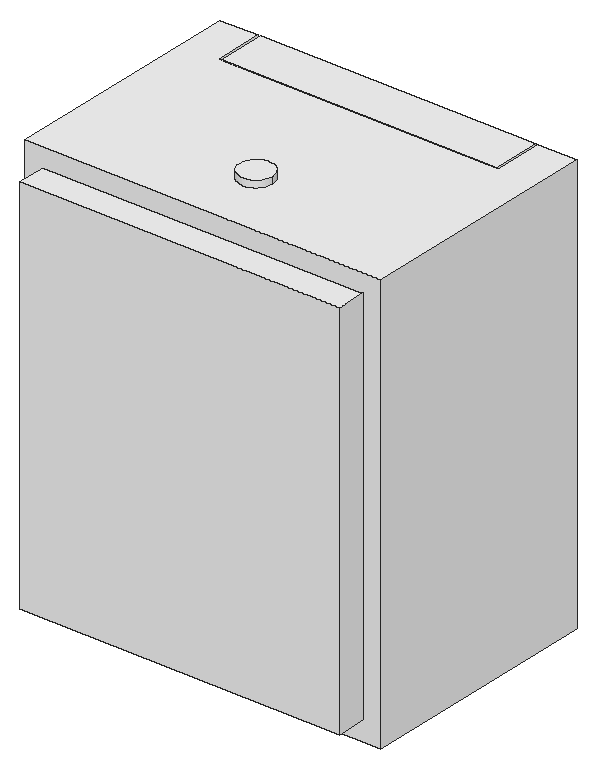
Revit family "Gira_010731", category Electrical Fixtures, host Wall, Revit 2017
Family settings
  Host = Wall
  Maintain Annotation Orientation = No
  Round Connector Dimension = Use Diameter
  Part Type = Normal
  OmniClass Number = 23.80.00.00
  OmniClass Title = Electric Power and Lighting
  Always vertical = Yes
  Cut with Voids When Loaded = No
  Shared = No
  Room Calculation Point = No
Parameters (values of type "Rocker sw. interm.sw. in.sp. WD surface-mounted grey")
  With mounting plate = no
  Wiring system = "Intermediate switch"
  White = White
  Washing machine switch = no
  URL = "https://www.gira.de/"
  Type of lighting = "Not included"
  Type of fastening = "Screw mounting"
  Type Comments = ""
  Surface protection = "Sonstige (*de-DE)"
  Suitable for degree of protection (IP) = "IP66"
  Rated current [Ampere] = 10
  Push button switch = no
  Number of rockers = 1
  Number of modules (module system) = 1
  Nominal voltage [Volt] Number = 250
  Model = ""
  Method of operation = "Rocker/button"
  Material quality = "Sonstige (*de-DE)"
  Material = "Sonstige (*de-DE)"
  Manufacturer = "Gira"
  Label space/information surface = "yes"
  Keynote = ""
  Illumination = "yes"
  HeinzeBIM = "https://www.heinze.de/bim/rocker-sw-interm-sw-in-sp-wd-surface-mounted-grey/75f2643a8fd0f0769c4c823d84bf0f9b206245f2"
  Halogen free = no
  HAN = "010731"
  GTIN = "4010337107316"
  Function lighting = "Illuminated (on)"
  Feedback-signal contact = no
  Description = "Rock.sw.interm.sw.in.sp. WT SM GY Rocker switch 10 AX 250 V~ with inscription space Intermediate switch grey Notes : - Can also be connected with illumination."
  Cost = 0
  Connection type = "Plug clamp"
  Colour = "Grey"
  BIMSITE_PRODUCT_ID = "75f2643a8fd0f0769c4c823d84bf0f9b206245f2"
  BIM = "https://media.live.bim.site/t/eyJhbGciOiJIUzI1NiIsInR5cCI6IkpXVCJ9.eyJjdCI6MSwidGYiOiJwdWJsaWMvZ2lyYS8wOWY1ZGI1L0lQNDRfS29tcGxldHRnZXLDpHRfU2NoYWx0ZW4gdW5kIFRhc3Rlbi5yZmEiLCJjaWQiOiJmZWQ5OGU5YS0xYmQ4LTRjNjgtYTczYi03NGE5NGUzMTU4MjMiLCJyaWQiOiIzZGY0NzBjZTlhOTJhYzAzODY4NWE4Nzk4MTMzMzgwZCIsInBpZCI6Ijc1ZjI2NDNhOGZkMGYwNzY5YzRjODIzZDg0YmYwZjliMjA2MjQ1ZjIiLCJzaWQiOiI2MzQ3MCIsInV0Ijo1LCJsYyI6ImVuIiwiaWF0IjoxNjA3NTI0NDM4LCJpc3MiOiJodHRwczovL2FwaS5saXZlLmJpbS5zaXRlIiwic3ViIjoiOGQzYWE1Y2ItZTA2Ni00NTk4LWJlMTYtNmUxNmVlNzQ5NTZhIn0.9WO3Ia_NnYLmhqDhjsEFDN2tD89h7FH6nIdnSJMVKp0/IP44_Komplettgerät_Schalten und Tasten.rfa"
  Assembly arrangement = "Basic element with complete housing"
  Assembly Code = ""
Reference planes
  plane 1: y = 0
  plane 2 "Center (Left/Right)": x = 125
  plane 3 "Back": y = 75
Forms (mm)
  Extrusion 1, solid, material "White" <- "White", detail levels fine
    sketch origin (0, 75, 0) x (1, 0, 0) y (0, 0, 1)
      loop
        line (154.5, 90) -> (95.5, 90) -> (95.5, 85.5) -> (154.5, 85.5) -> (154.5, 90)
    from -52.3 to -41.9
  Extrusion 2, solid, material "White" <- "White", detail levels fine
    sketch origin (0, 75, 0) x (1, 0, 0) y (0, 0, 1)
      loop
        line (154.5, 72) -> (154.5, 85) -> (95.5, 85) -> (95.5, 72) -> (154.5, 72)
    from -52.3 to -41.9
  Extrusion 3, solid, material "White" <- "White", detail levels medium+fine
    sketch origin (0, 75, 0) x (1, 0, 0) y (0, 0, 1)
      loop
        line (159.2, 86) -> (90.8, 86) -> (90.8, 4) -> (159.2, 4) -> (159.2, 86)
    from 0 to 6.2
  Extrusion 4, solid, material "White" <- "White", detail levels fine
    sketch origin (0, 75, 0) x (1, 0, 0) y (0, 0, 1)
      loop
        line (163.2, 90) -> (86.8, 90) -> (86.8, 0) -> (163.2, 0) -> (163.2, 90)
    from 0 to -52.3
  Extrusion 5, void
    sketch origin (0, 75, 0) x (1, 0, 0) y (0, 0, 1)
      loop
        line (95, 90.5) -> (95, 8.6) -> (155, 8.6) -> (155, 90.5) -> (95, 90.5)
    from -41.9 to -57.5
  Extrusion 6, solid, material "White" <- "White", detail levels medium
    sketch origin (0, 75, 0) x (1, 0, 0) y (0, 0, 1)
      loop
        line (154.5, 90) -> (95.5, 90) -> (95.5, 9.1) -> (154.5, 9.1) -> (154.5, 90)
    from -52.3 to -41.9
  Extrusion 7, solid, material "White" <- "White", detail levels coarse
    sketch origin (0, 75, 0) x (1, 0, 0) y (0, 0, 1)
      loop
        line (163.2, 91.4) -> (86.8, 91.4) -> (86.8, 0) -> (163.2, 0) -> (163.2, 91.4)
    from 6.2 to -52.3
  Extrusion 8, solid, material "White" <- "White", detail levels medium+fine
    sketch origin (163.2, 75, 90) x (-1, 0, 0) y (0, -1, 0)
      loop
        circle (38.2, -14.2) r 3.55
    from 0 to 1.4
  Extrusion 9, solid, material "White" <- "White", detail levels medium
    sketch origin (0, 75, 0) x (1, 0, 0) y (0, 0, 1)
      loop
        line (163.2, 90) -> (86.8, 90) -> (86.8, 0) -> (163.2, 0) -> (163.2, 90)
    from 0 to -52.3
  Extrusion 10, solid, material "White" <- "White", detail levels fine
    sketch origin (0, 75, 0) x (1, 0, 0) y (0, 0, 1)
      loop
        line (128.7, 43.6) -> (121.3, 43.6)
        arc (121.3, 43.6) -> (119, 41.3) -> (121.3, 39) r 2.3
        line (121.3, 39) -> (128.7, 39)
        arc (128.7, 39) -> (131, 41.3) -> (128.7, 43.6) r 2.3
    from -41.9 to -51.167
Cuts and joins
  Extrusion 5 cuts Extrusion 4
Text (mm)
  text "Placement side" at (-1867.185, 1116.779, 0), in view "Ref. Level"
  text "Placement side" at (0, 1270.507, 3001.832), in view "Left"
  text "Placement side" at (0, 530.812, 2999.686), in view "Right"
Dimensions and locks
  locked: plane 3 "Back" to host wall
  cut or joined group of Extrusion 4, Extrusion 5 to Extrusion 8 sketch curve = 14.2 mm
  aligned and locked: plane 1 to host wall
  aligned and locked: Extrusion 8 to Extrusion 6
  aligned and locked: cut or joined group of Extrusion 4, Extrusion 5 to nested 1
  aligned and locked: Extrusion 6 to nested 1
  aligned and locked: plane 3 "Back" to nested 2
Nested families
  nested 1: "Family5" at (125, 116.9, 9.1), type "Family5", detail levels fine
  nested 2: "1040099" at (125, 75, 0), type "1040099"
Connectors
  electrical at (125, 68.8, 45)
    settings: on Extrusion 3, index 1, voltage 220 V, apparent load 0 VA, apparent load phase1 0 VA, apparent load phase2 0 VA, apparent load phase3 0 VA, power factor 1, load classification "Other", number of poles 1, system type 31, power factor state 1, is connector primary yes, connector utility no, sub classification motor no, connector description ""
Definition of nested family "Family5"
  Parameters
    white = none
  Reference planes
    plane 1 "Center (Front/Back)": y = 0
    plane 2: z = 0
    plane 3 "Center (Left/Right)": x = 0
    plane 4: z = 63
    plane 5: y = 10
    plane 6: x = 29.5
    plane 7: x = -29.5
  Forms (mm)
    Extrusion 1, solid, material <- "white"
      sketch origin (0, 0, 0) x (0, 1, 0) y (0, 0, 1)
        loop
          line (0, 63) -> (0, 0) -> (10, 1.763) -> (5.815, 61.617) -> (0, 63)
      from -29.5 to 29.5
  Dimensions and locks
    aligned and locked: level to plane 2
Definition of nested family "1040099"
  Reference planes
    plane 1: y = 0
    plane 2: x = 0
